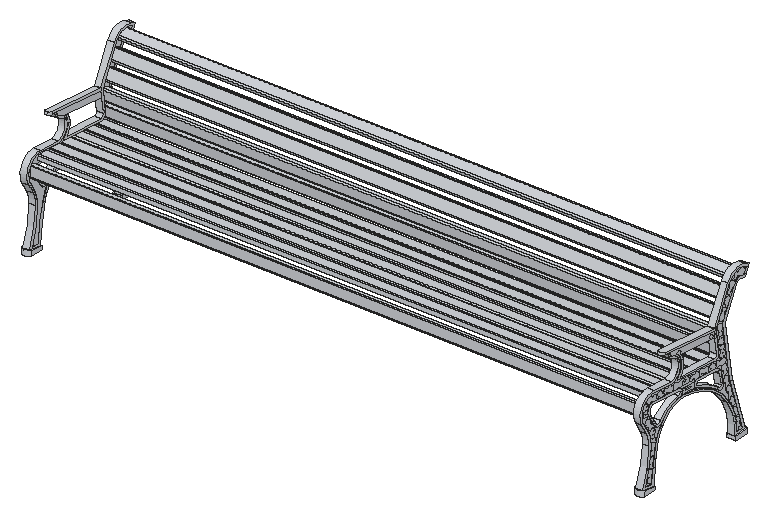
Revit family "Скамейка алюминиевая «Ретро стиль» с подогревом", category Мебель, Revit 2017 (continued)
Definition of nested family "Опора"
  Forms (mm)
    Extrusion 7, solid, material <- "Материал"
      sketch origin (0, 0, 0) x (0, 1, 0) y (0, 0, 1)
        loop
          spline (-363.806, 257.33) -> (-362.718, 258.496) -> (-361.425, 259.389) -> (-359.984, 259.969) -> (-358.459, 260.21) -> (-356.916, 260.103) -> (-355.424, 259.652) -> (-354.049, 258.876) -> (-352.851, 257.811) -> (-351.883, 256.502) -> (-351.188, 255.008) -> (-350.796, 253.394) -> (-350.725, 251.732)
          spline (-350.725, 251.732) -> (-350.936, 250.8) -> (-351.437, 250.011) -> (-352.166, 249.465) -> (-353.029, 249.23) -> (-353.918, 249.338) -> (-354.72, 249.773) -> (-355.332, 250.481) -> (-355.678, 251.373) -> (-355.713, 252.334) -> (-355.433, 253.243) -> (-354.873, 253.986) -> (-354.105, 254.466)
          spline (-354.105, 254.466) -> (-355.359, 254.5) -> (-356.593, 254.278) -> (-357.764, 253.808) -> (-358.828, 253.108) -> (-359.748, 252.203) -> (-360.49, 251.126) -> (-361.029, 249.914) -> (-361.344, 248.611) -> (-361.424, 247.266) -> (-361.267, 245.924) -> (-360.878, 244.636) -> (-360.271, 243.447)
          spline (-360.271, 243.447) -> (-359.515, 242.408) -> (-358.634, 241.489) -> (-357.645, 240.709) -> (-356.567, 240.081) -> (-355.421, 239.618) -> (-354.228, 239.329) -> (-353.012, 239.219) -> (-351.796, 239.291) -> (-350.603, 239.543) -> (-349.455, 239.97) -> (-348.375, 240.564) -> (-347.383, 241.313)
          spline (-347.383, 241.313) -> (-346.218, 242.492) -> (-345.224, 243.841) -> (-344.421, 245.33) -> (-343.825, 246.931) -> (-343.449, 248.609) -> (-343.301, 250.332) -> (-343.382, 252.062) -> (-343.693, 253.765) -> (-344.226, 255.406) -> (-344.971, 256.951) -> (-345.911, 258.368) -> (-347.029, 259.628)
          spline (-347.029, 259.628) -> (-348.724, 261.075) -> (-350.584, 262.262) -> (-352.574, 263.168) -> (-354.657, 263.774) -> (-356.793, 264.07) -> (-358.944, 264.05) -> (-361.068, 263.715) -> (-363.126, 263.071) -> (-365.081, 262.13) -> (-366.894, 260.909) -> (-368.533, 259.432) -> (-369.967, 257.725)
        loop
          spline (-341.64, 194.466) -> (-342.744, 196.12) -> (-344.052, 197.591) -> (-345.541, 198.851) -> (-347.181, 199.878) -> (-348.943, 200.651) -> (-350.794, 201.156) -> (-352.698, 201.384) -> (-354.622, 201.332) -> (-356.528, 200.998) -> (-358.381, 200.391) -> (-360.147, 199.521) -> (-361.792, 198.404)
          spline (-361.792, 198.404) -> (-362.921, 197.422) -> (-363.951, 196.323) -> (-364.872, 195.117) -> (-365.674, 193.819) -> (-366.348, 192.443) -> (-366.887, 191.003) -> (-367.284, 189.515) -> (-367.536, 187.994) -> (-367.639, 186.459) -> (-367.593, 184.925) -> (-367.399, 183.409) -> (-367.057, 181.927)
          spline (-367.057, 181.927) -> (-366.616, 180.443) -> (-366.139, 178.973) -> (-365.625, 177.518) -> (-365.076, 176.078) -> (-364.491, 174.656) -> (-363.872, 173.252) -> (-363.218, 171.867) -> (-362.529, 170.501) -> (-361.808, 169.157) -> (-361.052, 167.834) -> (-360.265, 166.533) -> (-359.445, 165.257)
          spline (-359.445, 165.257) -> (-360.29, 165.534) -> (-361.161, 165.704) -> (-362.049, 165.764) -> (-362.939, 165.713) -> (-363.821, 165.552) -> (-364.682, 165.283) -> (-365.512, 164.909) -> (-366.297, 164.436) -> (-367.029, 163.87) -> (-367.697, 163.218) -> (-368.293, 162.49) -> (-368.807, 161.696)
          spline (-368.807, 161.696) -> (-369.387, 160.622) -> (-369.734, 159.444) -> (-369.831, 158.221) -> (-369.673, 157.012) -> (-369.268, 155.878) -> (-368.636, 154.876) -> (-367.809, 154.055) -> (-366.827, 153.457) -> (-365.74, 153.11) -> (-364.601, 153.032) -> (-363.467, 153.228) -> (-362.395, 153.686)
          spline (-362.395, 153.686) -> (-362.094, 154.366) -> (-361.893, 155.084) -> (-361.796, 155.824) -> (-361.807, 156.568) -> (-361.925, 157.298) -> (-362.146, 157.997) -> (-362.467, 158.648) -> (-362.878, 159.235) -> (-363.37, 159.745) -> (-363.933, 160.165) -> (-364.551, 160.486) -> (-365.211, 160.699)
          spline (-365.211, 160.699) -> (-364.532, 161.304) -> (-363.787, 161.808) -> (-362.989, 162.204) -> (-362.151, 162.484) -> (-361.289, 162.642) -> (-360.419, 162.677) -> (-359.555, 162.587) -> (-358.714, 162.374) -> (-357.909, 162.042) -> (-357.156, 161.597) -> (-356.468, 161.047) -> (-355.857, 160.401)
          spline (-355.857, 160.401) -> (-357.029, 160.345) -> (-358.155, 159.965) -> (-359.16, 159.288) -> (-359.975, 158.361) -> (-360.543, 157.246) -> (-360.827, 156.019) -> (-360.807, 154.764) -> (-360.484, 153.567) -> (-359.881, 152.509) -> (-359.038, 151.662) -> (-358.013, 151.084) -> (-356.876, 150.814)
          spline (-356.876, 150.814) -> (-356.978, 151.154) -> (-356.998, 151.514) -> (-356.933, 151.869) -> (-356.788, 152.199) -> (-356.572, 152.482) -> (-356.299, 152.7) -> (-355.986, 152.841) -> (-355.652, 152.894) -> (-355.319, 152.858) -> (-355.006, 152.733) -> (-354.735, 152.528) -> (-354.522, 152.256)
          spline (-354.522, 152.256) -> (-353.955, 151.132) -> (-353.432, 149.984) -> (-352.955, 148.811) -> (-352.524, 147.618) -> (-352.14, 146.404) -> (-351.804, 145.173) -> (-351.517, 143.927) -> (-351.278, 142.668) -> (-351.088, 141.398) -> (-350.948, 140.118) -> (-350.857, 138.833) -> (-350.817, 137.542)
          line (-350.817, 137.542) -> (-350.01, 137.2)
          spline (-350.01, 137.2) -> (-349.172, 139.732) -> (-348.528, 142.323) -> (-348.082, 144.956) -> (-347.836, 147.613) -> (-347.794, 150.276) -> (-347.954, 152.928) -> (-348.316, 155.551) -> (-348.877, 158.128) -> (-349.634, 160.641) -> (-350.581, 163.074) -> (-351.713, 165.41) -> (-353.021, 167.634)
          spline (-353.021, 167.634) -> (-353.101, 168.001) -> (-353.082, 168.381) -> (-352.967, 168.743) -> (-352.765, 169.06) -> (-352.49, 169.308) -> (-352.165, 169.467) -> (-351.814, 169.526) -> (-351.464, 169.479) -> (-351.142, 169.331) -> (-350.873, 169.093) -> (-350.678, 168.783) -> (-350.571, 168.424)
          spline (-350.571, 168.424) -> (-349.779, 169.255) -> (-349.244, 170.291) -> (-349.014, 171.442) -> (-349.107, 172.605) -> (-349.517, 173.678) -> (-350.207, 174.565) -> (-351.115, 175.187) -> (-352.162, 175.491) -> (-353.254, 175.448) -> (-354.295, 175.063) -> (-355.193, 174.369) -> (-355.869, 173.429)
          spline (-355.869, 173.429) -> (-356.289, 172.821) -> (-356.838, 172.344) -> (-357.478, 172.032) -> (-358.168, 171.904) -> (-358.86, 171.97) -> (-359.508, 172.225) -> (-360.068, 172.652) -> (-360.503, 173.223) -> (-360.783, 173.898) -> (-360.889, 174.632) -> (-360.815, 175.377) -> (-360.566, 176.081)
          spline (-360.566, 176.081) -> (-360.318, 176.49) -> (-360.01, 176.849) -> (-359.65, 177.148) -> (-359.249, 177.377) -> (-358.82, 177.53) -> (-358.374, 177.602) -> (-357.925, 177.591) -> (-357.487, 177.497) -> (-357.073, 177.324) -> (-356.695, 177.075) -> (-356.365, 176.759) -> (-356.091, 176.386)
          line (-356.091, 176.386) -> (-355.452, 177.077)
          spline (-355.452, 177.077) -> (-355.436, 178.055) -> (-355.584, 179.016) -> (-355.891, 179.927) -> (-356.347, 180.761) -> (-356.937, 181.489) -> (-357.642, 182.089) -> (-358.44, 182.54) -> (-359.304, 182.828) -> (-360.207, 182.944) -> (-361.119, 182.885) -> (-362.011, 182.651) -> (-362.854, 182.251)
          spline (-362.854, 182.251) -> (-363.132, 182.125) -> (-363.426, 182.064) -> (-363.724, 182.071) -> (-364.012, 182.145) -> (-364.277, 182.283) -> (-364.507, 182.479) -> (-364.692, 182.724) -> (-364.824, 183.007) -> (-364.896, 183.315) -> (-364.905, 183.634) -> (-364.851, 183.949) -> (-364.736, 184.248)
          spline (-364.736, 184.248) -> (-364.499, 184.68) -> (-364.233, 185.094) -> (-363.941, 185.486) -> (-363.623, 185.855) -> (-363.281, 186.199) -> (-362.917, 186.516) -> (-362.534, 186.804) -> (-362.132, 187.062) -> (-361.715, 187.288) -> (-361.285, 187.481) -> (-360.843, 187.641) -> (-360.392, 187.765)
          spline (-360.392, 187.765) -> (-359.554, 188.037) -> (-358.763, 188.445) -> (-358.037, 188.979) -> (-357.396, 189.626) -> (-356.854, 190.37) -> (-356.425, 191.192) -> (-356.12, 192.073) -> (-355.946, 192.99) -> (-355.908, 193.921) -> (-356.006, 194.843) -> (-356.239, 195.733) -> (-356.599, 196.569)
          spline (-356.599, 196.569) -> (-355.382, 197.305) -> (-354.056, 197.757) -> (-352.678, 197.905) -> (-351.31, 197.742) -> (-350.012, 197.275) -> (-348.841, 196.526) -> (-347.849, 195.526) -> (-347.079, 194.32) -> (-346.566, 192.962) -> (-346.333, 191.51) -> (-346.388, 190.03) -> (-346.731, 188.586)
          spline (-346.731, 188.586) -> (-347.138, 187.838) -> (-347.76, 187.282) -> (-348.518, 186.99) -> (-349.316, 186.999) -> (-350.053, 187.307) -> (-350.636, 187.875) -> (-350.989, 188.632) -> (-351.069, 189.481) -> (-350.866, 190.314) -> (-350.405, 191.027) -> (-349.744, 191.528) -> (-348.968, 191.754)
          spline (-348.968, 191.754) -> (-350.036, 192.087) -> (-351.15, 192.197) -> (-352.268, 192.078) -> (-353.352, 191.736) -> (-354.361, 191.182) -> (-355.26, 190.438) -> (-356.017, 189.528) -> (-356.604, 188.487) -> (-357, 187.351) -> (-357.191, 186.162) -> (-357.17, 184.961) -> (-356.937, 183.793)
          spline (-356.937, 183.793) -> (-356.54, 182.718) -> (-356.007, 181.715) -> (-355.348, 180.805) -> (-354.575, 180.004) -> (-353.704, 179.329) -> (-352.751, 178.791) -> (-351.734, 178.401) -> (-350.672, 178.168) -> (-349.586, 178.094) -> (-348.497, 178.181) -> (-347.426, 178.429) -> (-346.392, 178.831)
          spline (-346.392, 178.831) -> (-345.106, 179.56) -> (-343.926, 180.476) -> (-342.874, 181.56) -> (-341.974, 182.789) -> (-341.244, 184.139) -> (-340.698, 185.581) -> (-340.348, 187.086) -> (-340.201, 188.623) -> (-340.26, 190.161) -> (-340.524, 191.668) -> (-340.987, 193.113) -> (-341.64, 194.466)
        loop
          spline (-351.75, 137.136) -> (-352.649, 138.535) -> (-353.721, 139.784) -> (-354.948, 140.86) -> (-356.305, 141.742) -> (-357.767, 142.415) -> (-359.307, 142.864) -> (-360.897, 143.083) -> (-362.506, 143.067) -> (-364.105, 142.816) -> (-365.664, 142.335) -> (-367.154, 141.633) -> (-368.546, 140.723)
          spline (-368.546, 140.723) -> (-369.504, 139.919) -> (-370.382, 139.014) -> (-371.17, 138.02) -> (-371.86, 136.946) -> (-372.444, 135.804) -> (-372.915, 134.608) -> (-373.269, 133.369) -> (-373.502, 132.101) -> (-373.611, 130.819) -> (-373.595, 129.535) -> (-373.454, 128.264) -> (-373.19, 127.02)
          spline (-373.19, 127.02) -> (-372.843, 125.772) -> (-372.465, 124.535) -> (-372.057, 123.311) -> (-371.619, 122.099) -> (-371.15, 120.901) -> (-370.653, 119.718) -> (-370.126, 118.55) -> (-369.57, 117.398) -> (-368.986, 116.263) -> (-368.374, 115.145) -> (-367.734, 114.046) -> (-367.067, 112.966)
          spline (-367.067, 112.966) -> (-367.769, 113.211) -> (-368.496, 113.366) -> (-369.237, 113.429) -> (-369.983, 113.399) -> (-370.723, 113.277) -> (-371.447, 113.065) -> (-372.146, 112.764) -> (-372.81, 112.38) -> (-373.43, 111.917) -> (-373.999, 111.382) -> (-374.507, 110.782) -> (-374.949, 110.125)
          spline (-374.949, 110.125) -> (-375.449, 109.235) -> (-375.757, 108.255) -> (-375.856, 107.233) -> (-375.742, 106.22) -> (-375.42, 105.266) -> (-374.906, 104.419) -> (-374.226, 103.72) -> (-373.413, 103.205) -> (-372.509, 102.899) -> (-371.557, 102.818) -> (-370.606, 102.965) -> (-369.703, 103.333)
          spline (-369.703, 103.333) -> (-369.441, 103.897) -> (-369.263, 104.495) -> (-369.171, 105.112) -> (-369.169, 105.734) -> (-369.257, 106.347) -> (-369.432, 106.934) -> (-369.691, 107.483) -> (-370.026, 107.98) -> (-370.431, 108.414) -> (-370.895, 108.774) -> (-371.407, 109.051) -> (-371.956, 109.239)
          spline (-371.956, 109.239) -> (-371.379, 109.735) -> (-370.749, 110.146) -> (-370.075, 110.465) -> (-369.371, 110.687) -> (-368.648, 110.807) -> (-367.919, 110.823) -> (-367.198, 110.735) -> (-366.497, 110.545) -> (-365.829, 110.256) -> (-365.206, 109.873) -> (-364.639, 109.402) -> (-364.137, 108.853)
          spline (-364.137, 108.853) -> (-365.118, 108.823) -> (-366.066, 108.522) -> (-366.916, 107.971) -> (-367.611, 107.207) -> (-368.102, 106.283) -> (-368.358, 105.261) -> (-368.359, 104.211) -> (-368.107, 103.205) -> (-367.617, 102.311) -> (-366.925, 101.591) -> (-366.076, 101.092) -> (-365.129, 100.85)
          spline (-365.129, 100.85) -> (-365.21, 101.136) -> (-365.221, 101.437) -> (-365.161, 101.733) -> (-365.036, 102.007) -> (-364.851, 102.24) -> (-364.619, 102.419) -> (-364.355, 102.532) -> (-364.075, 102.572) -> (-363.797, 102.536) -> (-363.538, 102.427) -> (-363.314, 102.252) -> (-363.139, 102.021)
          spline (-363.139, 102.021) -> (-362.828, 101.387) -> (-362.533, 100.743) -> (-362.255, 100.09) -> (-361.994, 99.429) -> (-361.752, 98.759) -> (-361.526, 98.082) -> (-361.319, 97.398) -> (-361.13, 96.707) -> (-360.959, 96.01) -> (-360.806, 95.308) -> (-360.672, 94.601) -> (-360.556, 93.89)
          arc (-360.556, 93.89) -> (-360.387, 91.803) -> (-360.469, 89.712) r 16.757
          line (-360.469, 89.712) -> (-359.585, 89.364)
          spline (-359.585, 89.364) -> (-358.848, 91.469) -> (-358.271, 93.627) -> (-357.86, 95.822) -> (-357.616, 98.04) -> (-357.541, 100.267) -> (-357.636, 102.488) -> (-357.901, 104.687) -> (-358.333, 106.85) -> (-358.929, 108.963) -> (-359.686, 111.011) -> (-360.598, 112.982) -> (-361.66, 114.861)
          spline (-361.66, 114.861) -> (-361.721, 115.169) -> (-361.7, 115.486) -> (-361.598, 115.787) -> (-361.424, 116.05) -> (-361.191, 116.253) -> (-360.917, 116.382) -> (-360.622, 116.426) -> (-360.33, 116.382) -> (-360.063, 116.253) -> (-359.842, 116.05) -> (-359.683, 115.787) -> (-359.599, 115.486)
          spline (-359.599, 115.486) -> (-358.925, 116.169) -> (-358.462, 117.028) -> (-358.252, 117.987) -> (-358.314, 118.962) -> (-358.641, 119.865) -> (-359.205, 120.616) -> (-359.955, 121.15) -> (-360.826, 121.419) -> (-361.74, 121.399) -> (-362.617, 121.093) -> (-363.378, 120.526) -> (-363.957, 119.749)
          spline (-363.957, 119.749) -> (-364.317, 119.246) -> (-364.783, 118.856) -> (-365.323, 118.604) -> (-365.902, 118.508) -> (-366.48, 118.573) -> (-367.018, 118.796) -> (-367.48, 119.161) -> (-367.835, 119.644) -> (-368.06, 120.213) -> (-368.138, 120.829) -> (-368.065, 121.45) -> (-367.846, 122.036)
          spline (-367.846, 122.036) -> (-367.633, 122.374) -> (-367.37, 122.67) -> (-367.065, 122.915) -> (-366.726, 123.1) -> (-366.365, 123.222) -> (-365.991, 123.276) -> (-365.616, 123.26) -> (-365.251, 123.175) -> (-364.907, 123.024) -> (-364.595, 122.811) -> (-364.323, 122.542) -> (-364.1, 122.225)
          line (-364.1, 122.225) -> (-363.555, 122.794)
          spline (-363.555, 122.794) -> (-363.528, 123.612) -> (-363.637, 124.417) -> (-363.88, 125.184) -> (-364.249, 125.888) -> (-364.732, 126.506) -> (-365.313, 127.017) -> (-365.974, 127.406) -> (-366.693, 127.66) -> (-367.446, 127.771) -> (-368.21, 127.734) -> (-368.959, 127.552) -> (-369.67, 127.229)
          spline (-369.67, 127.229) -> (-369.904, 127.128) -> (-370.151, 127.081) -> (-370.4, 127.091) -> (-370.64, 127.158) -> (-370.86, 127.277) -> (-371.049, 127.444) -> (-371.201, 127.652) -> (-371.306, 127.89) -> (-371.362, 128.149) -> (-371.365, 128.416) -> (-371.315, 128.679) -> (-371.215, 128.927)
          spline (-371.215, 128.927) -> (-371.01, 129.285) -> (-370.782, 129.627) -> (-370.532, 129.951) -> (-370.26, 130.255) -> (-369.97, 130.538) -> (-369.661, 130.797) -> (-369.336, 131.033) -> (-368.996, 131.242) -> (-368.644, 131.426) -> (-368.281, 131.581) -> (-367.909, 131.708) -> (-367.531, 131.805)
          spline (-367.531, 131.805) -> (-366.826, 132.02) -> (-366.158, 132.35) -> (-365.543, 132.786) -> (-364.997, 133.317) -> (-364.533, 133.932) -> (-364.163, 134.613) -> (-363.895, 135.346) -> (-363.736, 136.11) -> (-363.69, 136.888) -> (-363.759, 137.661) -> (-363.941, 138.408) -> (-364.23, 139.113)
          spline (-364.23, 139.113) -> (-363.201, 139.711) -> (-362.085, 140.07) -> (-360.931, 140.173) -> (-359.789, 140.017) -> (-358.71, 139.607) -> (-357.742, 138.963) -> (-356.927, 138.113) -> (-356.301, 137.093) -> (-355.892, 135.949) -> (-355.717, 134.732) -> (-355.785, 133.495) -> (-356.093, 132.292)
          spline (-356.093, 132.292) -> (-356.444, 131.672) -> (-356.973, 131.217) -> (-357.611, 130.984) -> (-358.279, 131.002) -> (-358.891, 131.271) -> (-359.369, 131.755) -> (-359.654, 132.393) -> (-359.709, 133.104) -> (-359.526, 133.798) -> (-359.13, 134.387) -> (-358.57, 134.797) -> (-357.918, 134.975)
          spline (-357.918, 134.975) -> (-358.807, 135.269) -> (-359.736, 135.376) -> (-360.673, 135.293) -> (-361.584, 135.023) -> (-362.437, 134.575) -> (-363.2, 133.965) -> (-363.846, 133.216) -> (-364.352, 132.353) -> (-364.699, 131.409) -> (-364.876, 130.417) -> (-364.876, 129.413) -> (-364.699, 128.433)
          spline (-364.699, 128.433) -> (-364.383, 127.527) -> (-363.952, 126.681) -> (-363.414, 125.91) -> (-362.779, 125.229) -> (-362.06, 124.652) -> (-361.271, 124.188) -> (-360.426, 123.847) -> (-359.541, 123.636) -> (-358.634, 123.559) -> (-357.722, 123.616) -> (-356.823, 123.807) -> (-355.952, 124.129)
          spline (-355.952, 124.129) -> (-354.866, 124.72) -> (-353.865, 125.469) -> (-352.97, 126.36) -> (-352.2, 127.374) -> (-351.569, 128.492) -> (-351.091, 129.691) -> (-350.777, 130.944) -> (-350.631, 132.228) -> (-350.658, 133.515) -> (-350.857, 134.779) -> (-351.223, 135.994) -> (-351.75, 137.136)
        loop
          spline (-360.744, 86.642) -> (-361.946, 88.245) -> (-363.337, 89.645) -> (-364.89, 90.814) -> (-366.578, 91.732) -> (-368.368, 92.382) -> (-370.227, 92.75) -> (-372.121, 92.83) -> (-374.013, 92.622) -> (-375.87, 92.127) -> (-377.655, 91.357) -> (-379.337, 90.325) -> (-380.882, 89.05)
          spline (-380.882, 89.05) -> (-381.928, 87.955) -> (-382.869, 86.747) -> (-383.695, 85.44) -> (-384.396, 84.048) -> (-384.966, 82.586) -> (-385.399, 81.069) -> (-385.688, 79.515) -> (-385.833, 77.939) -> (-385.83, 76.36) -> (-385.679, 74.794) -> (-385.384, 73.259) -> (-384.945, 71.77)
          spline (-384.945, 71.77) -> (-384.409, 70.288) -> (-383.838, 68.822) -> (-383.232, 67.375) -> (-382.592, 65.947) -> (-381.918, 64.539) -> (-381.211, 63.152) -> (-380.471, 61.788) -> (-379.699, 60.446) -> (-378.895, 59.129) -> (-378.06, 57.836) -> (-377.195, 56.569) -> (-376.299, 55.329)
          spline (-376.299, 55.329) -> (-377.151, 55.545) -> (-378.022, 55.649) -> (-378.901, 55.639) -> (-379.775, 55.515) -> (-380.634, 55.279) -> (-381.465, 54.934) -> (-382.257, 54.485) -> (-382.999, 53.938) -> (-383.682, 53.3) -> (-384.296, 52.58) -> (-384.833, 51.788) -> (-385.286, 50.933)
          spline (-385.286, 50.933) -> (-385.784, 49.788) -> (-386.046, 48.556) -> (-386.057, 47.296) -> (-385.819, 46.072) -> (-385.342, 44.945) -> (-384.65, 43.971) -> (-383.778, 43.198) -> (-382.769, 42.664) -> (-381.674, 42.397) -> (-380.545, 42.409) -> (-379.441, 42.7) -> (-378.415, 43.255)
          spline (-378.415, 43.255) -> (-378.165, 43.975) -> (-378.016, 44.726) -> (-377.972, 45.491) -> (-378.033, 46.251) -> (-378.199, 46.988) -> (-378.465, 47.685) -> (-378.826, 48.325) -> (-379.271, 48.893) -> (-379.792, 49.375) -> (-380.375, 49.759) -> (-381.006, 50.038) -> (-381.671, 50.203)
          spline (-381.671, 50.203) -> (-381.044, 50.876) -> (-380.344, 51.452) -> (-379.584, 51.921) -> (-378.777, 52.275) -> (-377.939, 52.506) -> (-377.083, 52.612) -> (-376.225, 52.589) -> (-375.381, 52.439) -> (-374.565, 52.164) -> (-373.792, 51.77) -> (-373.076, 51.262) -> (-372.429, 50.651)
          spline (-372.429, 50.651) -> (-373.58, 50.498) -> (-374.665, 50.019) -> (-375.61, 49.246) -> (-376.349, 48.232) -> (-376.833, 47.045) -> (-377.029, 45.768) -> (-376.923, 44.486) -> (-376.523, 43.287) -> (-375.856, 42.253) -> (-374.967, 41.454) -> (-373.917, 40.945) -> (-372.777, 40.761)
          spline (-372.777, 40.761) -> (-372.901, 41.101) -> (-372.945, 41.467) -> (-372.906, 41.836) -> (-372.785, 42.184) -> (-372.592, 42.491) -> (-372.338, 42.737) -> (-372.039, 42.906) -> (-371.713, 42.987) -> (-371.382, 42.977) -> (-371.065, 42.874) -> (-370.784, 42.686) -> (-370.555, 42.425)
          spline (-370.555, 42.425) -> (-369.919, 41.321) -> (-369.325, 40.188) -> (-368.774, 39.027) -> (-368.268, 37.841) -> (-367.806, 36.63) -> (-367.391, 35.398) -> (-367.022, 34.146) -> (-366.7, 32.877) -> (-366.426, 31.593) -> (-366.2, 30.296) -> (-366.023, 28.988) -> (-365.895, 27.671)
          line (-365.895, 27.671) -> (-365.076, 27.386)
          spline (-365.076, 27.386) -> (-364.423, 30.044) -> (-363.965, 32.746) -> (-363.706, 35.475) -> (-363.646, 38.213) -> (-363.786, 40.941) -> (-364.125, 43.641) -> (-364.662, 46.295) -> (-365.391, 48.886) -> (-366.31, 51.396) -> (-367.41, 53.809) -> (-368.686, 56.108) -> (-370.128, 58.278)
          spline (-370.128, 58.278) -> (-370.232, 58.647) -> (-370.239, 59.036) -> (-370.151, 59.416) -> (-369.973, 59.757) -> (-369.719, 60.033) -> (-369.41, 60.222) -> (-369.067, 60.31) -> (-368.719, 60.291) -> (-368.392, 60.165) -> (-368.11, 59.943) -> (-367.896, 59.641) -> (-367.766, 59.283)
          spline (-367.766, 59.283) -> (-367.043, 60.196) -> (-366.587, 61.3) -> (-366.438, 62.496) -> (-366.61, 63.678) -> (-367.087, 64.742) -> (-367.828, 65.594) -> (-368.766, 66.158) -> (-369.819, 66.384) -> (-370.893, 66.253) -> (-371.893, 65.775) -> (-372.731, 64.993) -> (-373.332, 63.977)
          spline (-373.332, 63.977) -> (-373.705, 63.321) -> (-374.213, 62.789) -> (-374.824, 62.418) -> (-375.495, 62.232) -> (-376.182, 62.244) -> (-376.838, 62.453) -> (-377.42, 62.845) -> (-377.887, 63.393) -> (-378.21, 64.061) -> (-378.365, 64.804) -> (-378.343, 65.571) -> (-378.145, 66.312)
          spline (-378.145, 66.312) -> (-377.929, 66.75) -> (-377.65, 67.143) -> (-377.315, 67.477) -> (-376.936, 67.744) -> (-376.523, 67.935) -> (-376.088, 68.044) -> (-375.645, 68.069) -> (-375.207, 68.009) -> (-374.787, 67.864) -> (-374.397, 67.64) -> (-374.05, 67.344) -> (-373.755, 66.984)
          line (-373.755, 66.984) -> (-373.172, 67.742)
          spline (-373.172, 67.742) -> (-373.223, 68.744) -> (-373.434, 69.715) -> (-373.799, 70.623) -> (-374.306, 71.439) -> (-374.937, 72.137) -> (-375.674, 72.693) -> (-376.491, 73.09) -> (-377.363, 73.316) -> (-378.261, 73.362) -> (-379.156, 73.228) -> (-380.02, 72.917) -> (-380.824, 72.44)
          spline (-380.824, 72.44) -> (-381.089, 72.289) -> (-381.375, 72.203) -> (-381.669, 72.186) -> (-381.958, 72.238) -> (-382.229, 72.359) -> (-382.469, 72.54) -> (-382.669, 72.776) -> (-382.818, 73.055) -> (-382.91, 73.364) -> (-382.94, 73.69) -> (-382.909, 74.017) -> (-382.816, 74.331)
          spline (-382.816, 74.331) -> (-382.612, 74.793) -> (-382.378, 75.237) -> (-382.117, 75.662) -> (-381.828, 76.065) -> (-381.515, 76.445) -> (-381.178, 76.798) -> (-380.82, 77.124) -> (-380.442, 77.42) -> (-380.046, 77.685) -> (-379.634, 77.917) -> (-379.21, 78.116) -> (-378.774, 78.279)
          spline (-378.774, 78.279) -> (-377.966, 78.624) -> (-377.214, 79.105) -> (-376.535, 79.71) -> (-375.947, 80.423) -> (-375.464, 81.228) -> (-375.097, 82.104) -> (-374.857, 83.029) -> (-374.748, 83.982) -> (-374.774, 84.937) -> (-374.934, 85.872) -> (-375.224, 86.764) -> (-375.637, 87.59)
          spline (-375.637, 87.59) -> (-374.488, 88.441) -> (-373.211, 89.011) -> (-371.862, 89.273) -> (-370.502, 89.216) -> (-369.19, 88.843) -> (-367.985, 88.17) -> (-366.938, 87.227) -> (-366.097, 86.055) -> (-365.498, 84.707) -> (-365.168, 83.241) -> (-365.122, 81.722) -> (-365.361, 80.218)
          spline (-365.361, 80.218) -> (-365.711, 79.419) -> (-366.286, 78.801) -> (-367.014, 78.441) -> (-367.801, 78.386) -> (-368.549, 78.641) -> (-369.162, 79.176) -> (-369.563, 79.922) -> (-369.7, 80.784) -> (-369.556, 81.653) -> (-369.15, 82.419) -> (-368.533, 82.985) -> (-367.784, 83.279)
          spline (-367.784, 83.279) -> (-368.86, 83.533) -> (-369.965, 83.556) -> (-371.059, 83.344) -> (-372.104, 82.907) -> (-373.062, 82.26) -> (-373.897, 81.426) -> (-374.581, 80.434) -> (-375.088, 79.322) -> (-375.401, 78.128) -> (-375.508, 76.896) -> (-375.405, 75.67) -> (-375.096, 74.494)
          spline (-375.096, 74.494) -> (-374.631, 73.425) -> (-374.036, 72.442) -> (-373.324, 71.564) -> (-372.508, 70.807) -> (-371.602, 70.186) -> (-370.625, 69.713) -> (-369.596, 69.396) -> (-368.533, 69.242) -> (-367.458, 69.254) -> (-366.39, 69.431) -> (-365.351, 69.771) -> (-364.359, 70.266)
          spline (-364.359, 70.266) -> (-363.141, 71.115) -> (-362.04, 72.147) -> (-361.078, 73.34) -> (-360.274, 74.67) -> (-359.647, 76.109) -> (-359.207, 77.628) -> (-358.965, 79.196) -> (-358.925, 80.781) -> (-359.089, 82.349) -> (-359.452, 83.869) -> (-360.008, 85.31) -> (-360.744, 86.642)
        loop
          line (4.438, 359.672) -> (16.965, 358.861) -> (17.578, 360.613)
          arc (17.578, 360.613) -> (20.886, 363.7) -> (25.382, 364.202) r 7.195
          arc (25.382, 364.202) -> (28.167, 366.703) -> (26.177, 369.874) r 2.906
          arc (26.177, 369.874) -> (17.388, 369.879) -> (11.247, 363.591) r 11.314
          line (11.247, 363.591) -> (11.735, 367.07)
          arc (11.735, 367.07) -> (16.166, 370.294) -> (18.958, 375.008) r 13.557
          arc (18.958, 375.008) -> (17.776, 378.177) -> (20.17, 380.567) r 3.125
          arc (20.17, 380.567) -> (17.494, 382.17) -> (14.393, 381.826) r 4.884
          arc (14.393, 381.826) -> (13.258, 380.131) -> (11.76, 378.747) r 8.695
          arc (11.76, 378.747) -> (12.482, 378.119) -> (13.175, 377.459) r 20.344
          arc (13.175, 377.459) -> (11.5, 374.807) -> (8.586, 373.649) r 5.065
          line (8.586, 373.649) -> (8.844, 377.644)
          arc (8.844, 377.644) -> (11.665, 380.982) -> (12.853, 385.187) r 10.327
          line (12.853, 385.187) -> (12.189, 386.235)
          arc (12.189, 386.235) -> (11.158, 384.302) -> (9.01, 383.866) r 2.571
          line (9.01, 383.866) -> (9.853, 387.616) -> (8.173, 386.949) -> (8.92, 388.679) -> (6.665, 394.106) -> (3.729, 389.014) -> (4.247, 387.203) -> (2.667, 388.081) -> (3.02, 384.254)
          arc (3.02, 384.254) -> (0.946, 384.962) -> (0.173, 387.013) r 2.571
          line (0.173, 387.013) -> (-0.621, 386.059)
          arc (-0.621, 386.059) -> (0.016, 381.735) -> (2.383, 378.062) r 10.327
          line (2.383, 378.062) -> (2.125, 374.067)
          arc (2.125, 374.067) -> (-0.616, 375.59) -> (-1.935, 378.436) r 5.065
          arc (-1.935, 378.436) -> (-1.163, 379.002) -> (-0.366, 379.531) r 20.344
          arc (-0.366, 379.531) -> (-1.674, 381.096) -> (-2.581, 382.924) r 8.695
          arc (-2.581, 382.924) -> (-5.611, 383.664) -> (-8.472, 382.419) r 4.884
          arc (-8.472, 382.419) -> (-6.405, 379.741) -> (-7.986, 376.751) r 3.125
          arc (-7.986, 376.751) -> (-5.824, 371.716) -> (-1.846, 367.949) r 13.557
          line (-1.846, 367.949) -> (-1.81, 364.436)
          arc (-1.81, 364.436) -> (-7.09, 371.462) -> (-15.806, 372.589) r 11.314
          arc (-15.806, 372.589) -> (-18.188, 369.701) -> (-15.748, 366.862) r 2.906
          arc (-15.748, 366.862) -> (-11.354, 365.785) -> (-8.472, 362.297) r 7.195
          line (-8.472, 362.297) -> (-8.089, 360.482) -> (4.438, 359.672)
        loop
          line (-154.085, 370.772) -> (-141.558, 369.962) -> (-140.945, 371.713)
          arc (-140.945, 371.713) -> (-137.638, 374.8) -> (-133.141, 375.303) r 7.195
          arc (-133.141, 375.303) -> (-130.356, 377.804) -> (-132.346, 380.974) r 2.906
          arc (-132.346, 380.974) -> (-141.135, 380.979) -> (-147.276, 374.691) r 11.314
          line (-147.276, 374.691) -> (-146.788, 378.171)
          arc (-146.788, 378.171) -> (-142.358, 381.395) -> (-139.565, 386.109) r 13.557
          arc (-139.565, 386.109) -> (-140.748, 389.278) -> (-138.353, 391.667) r 3.125
          arc (-138.353, 391.667) -> (-141.03, 393.27) -> (-144.13, 392.927) r 4.884
          arc (-144.13, 392.927) -> (-145.265, 391.231) -> (-146.764, 389.847) r 8.695
          arc (-146.764, 389.847) -> (-146.041, 389.22) -> (-145.349, 388.559) r 20.344
          arc (-145.349, 388.559) -> (-147.023, 385.907) -> (-149.938, 384.749) r 5.065
          line (-149.938, 384.749) -> (-149.679, 388.745)
          arc (-149.679, 388.745) -> (-146.858, 392.082) -> (-145.67, 396.288) r 10.327
          line (-145.67, 396.288) -> (-146.334, 397.336)
          arc (-146.334, 397.336) -> (-147.366, 395.403) -> (-149.513, 394.967) r 2.571
          line (-149.513, 394.967) -> (-148.67, 398.716) -> (-150.35, 398.049) -> (-149.604, 399.779) -> (-151.859, 405.206) -> (-154.794, 400.115) -> (-154.277, 398.303) -> (-155.856, 399.181) -> (-155.504, 395.354)
          arc (-155.504, 395.354) -> (-157.577, 396.063) -> (-158.351, 398.113) r 2.571
          line (-158.351, 398.113) -> (-159.144, 397.159)
          arc (-159.144, 397.159) -> (-158.508, 392.835) -> (-156.14, 389.162) r 10.327
          line (-156.14, 389.162) -> (-156.398, 385.167)
          arc (-156.398, 385.167) -> (-159.14, 386.691) -> (-160.458, 389.536) r 5.065
          arc (-160.458, 389.536) -> (-159.687, 390.102) -> (-158.889, 390.631) r 20.344
          arc (-158.889, 390.631) -> (-160.197, 392.197) -> (-161.104, 394.024) r 8.695
          arc (-161.104, 394.024) -> (-164.135, 394.765) -> (-166.995, 393.519) r 4.884
          arc (-166.995, 393.519) -> (-164.929, 390.841) -> (-166.509, 387.851) r 3.125
          arc (-166.509, 387.851) -> (-164.347, 382.817) -> (-160.369, 379.049) r 13.557
          line (-160.369, 379.049) -> (-160.333, 375.536)
          arc (-160.333, 375.536) -> (-165.613, 382.562) -> (-174.33, 383.689) r 11.314
          arc (-174.33, 383.689) -> (-176.711, 380.801) -> (-174.272, 377.962) r 2.906
          arc (-174.272, 377.962) -> (-169.877, 376.885) -> (-166.995, 373.398) r 7.195
          line (-166.995, 373.398) -> (-166.612, 371.582) -> (-154.085, 370.772)
        loop
          line (-312.358, 378.127) -> (-299.831, 377.317) -> (-299.217, 379.068)
          arc (-299.217, 379.068) -> (-295.91, 382.155) -> (-291.414, 382.657) r 7.195
          arc (-291.414, 382.657) -> (-288.628, 385.158) -> (-290.619, 388.329) r 2.906
          arc (-290.619, 388.329) -> (-299.408, 388.334) -> (-305.548, 382.046) r 11.314
          line (-305.548, 382.046) -> (-305.061, 385.526)
          arc (-305.061, 385.526) -> (-300.63, 388.749) -> (-297.838, 393.464) r 13.557
          arc (-297.838, 393.464) -> (-299.02, 396.633) -> (-296.626, 399.022) r 3.125
          arc (-296.626, 399.022) -> (-299.302, 400.625) -> (-302.403, 400.281) r 4.884
          arc (-302.403, 400.281) -> (-303.537, 398.586) -> (-305.036, 397.202) r 8.695
          arc (-305.036, 397.202) -> (-304.313, 396.575) -> (-303.621, 395.914) r 20.344
          arc (-303.621, 395.914) -> (-305.295, 393.262) -> (-308.21, 392.104) r 5.065
          line (-308.21, 392.104) -> (-307.952, 396.099)
          arc (-307.952, 396.099) -> (-305.131, 399.437) -> (-303.943, 403.643) r 10.327
          line (-303.943, 403.643) -> (-304.607, 404.691)
          arc (-304.607, 404.691) -> (-305.638, 402.757) -> (-307.785, 402.322) r 2.571
          line (-307.785, 402.322) -> (-306.942, 406.071) -> (-308.622, 405.404) -> (-307.876, 407.134) -> (-310.131, 412.561) -> (-313.066, 407.469) -> (-312.549, 405.658) -> (-314.129, 406.536) -> (-313.776, 402.709)
          arc (-313.776, 402.709) -> (-315.849, 403.418) -> (-316.623, 405.468) r 2.571
          line (-316.623, 405.468) -> (-317.416, 404.514)
          arc (-317.416, 404.514) -> (-316.78, 400.19) -> (-314.412, 396.517) r 10.327
          line (-314.412, 396.517) -> (-314.671, 392.522)
          arc (-314.671, 392.522) -> (-317.412, 394.046) -> (-318.731, 396.891) r 5.065
          arc (-318.731, 396.891) -> (-317.959, 397.457) -> (-317.162, 397.986) r 20.344
          arc (-317.162, 397.986) -> (-318.469, 399.552) -> (-319.376, 401.379) r 8.695
          arc (-319.376, 401.379) -> (-322.407, 402.119) -> (-325.267, 400.874) r 4.884
          arc (-325.267, 400.874) -> (-323.201, 398.196) -> (-324.782, 395.206) r 3.125
          arc (-324.782, 395.206) -> (-322.619, 390.171) -> (-318.641, 386.404) r 13.557
          line (-318.641, 386.404) -> (-318.606, 382.891)
          arc (-318.606, 382.891) -> (-323.885, 389.917) -> (-332.602, 391.044) r 11.314
          arc (-332.602, 391.044) -> (-334.984, 388.156) -> (-332.544, 385.317) r 2.906
          arc (-332.544, 385.317) -> (-328.15, 384.24) -> (-325.267, 380.753) r 7.195
          line (-325.267, 380.753) -> (-324.885, 378.937) -> (-312.358, 378.127)
        loop
          arc (-197.337, 526.364) -> (-203.636, 527.086) -> (-209.71, 525.268) r 15.765
          arc (-209.71, 525.268) -> (-204.044, 522.423) -> (-197.715, 522.041) r 15.765
          arc (-197.715, 522.041) -> (-198.284, 517.188) -> (-193.729, 515.42) r 3.992
          arc (-193.729, 515.42) -> (-195.443, 517.42) -> (-193.729, 519.42) r 2.024
          line (-193.729, 519.42) -> (-188.686, 520.202) -> (-188.126, 526.607) -> (-192.956, 528.253)
          arc (-192.956, 528.253) -> (-194.297, 530.52) -> (-192.262, 532.192) r 2.024
          arc (-192.262, 532.192) -> (-197.054, 531.241) -> (-197.337, 526.364) r 3.992
      from 0 to 5
  Cuts and joins
    Extrusion 2, Extrusion 3 cuts Extrusion 1
    Extrusion 6 cuts Extrusion 5
  Dimensions and locks
    aligned and locked: level to plane 2
    aligned and locked: cut or joined group of Extrusion 1, Extrusion 2, Extrusion 3 to Extrusion 7
Types (3, lengths in mm): name | Стоимость | ADSK_Размер_Длина | ADSK_Наименование | ADSK_Материал опоры | ADSK_Материал доски
  (no name) | 89850 | 3000 | "Скамейка алюминиевая «Ретро стиль» с подогревом 3,0м" | none | none
  Скамейка алюминиевая «Ретро стиль» с подогревом 1,5м | 47550 | 1500 | "Скамейка алюминиевая «Ретро стиль» с подогревом 1,5м" | Алюминий 1100-H18 | Доска
  Скамейка алюминиевая «Ретро стиль» с подогревом 3,0м | 89850 | 3000 | "Скамейка алюминиевая «Ретро стиль» с подогревом 3,0м" | none | none
